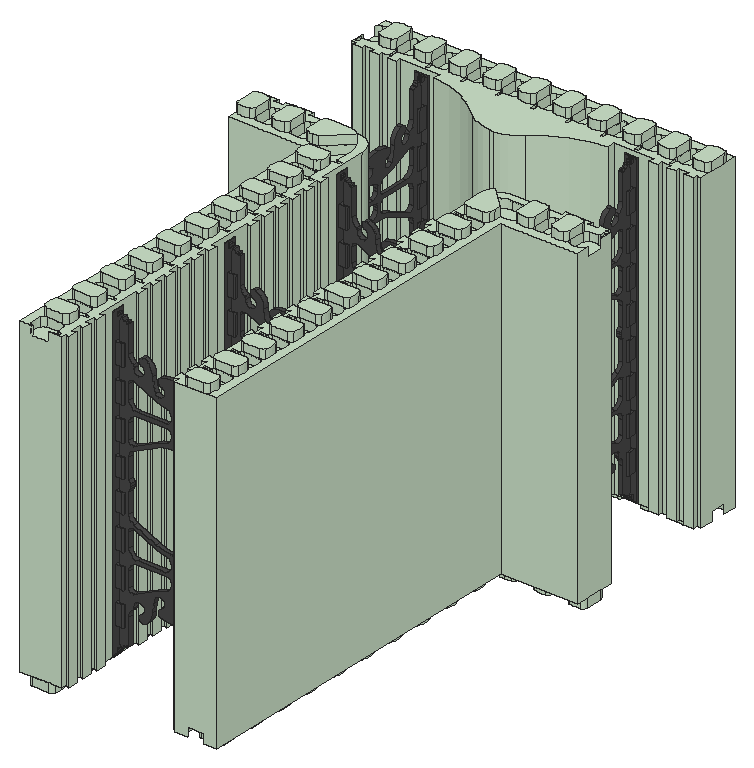
Revit family (continued)
Definition of nested family "6 inch Insert Web"
  Forms (in)
    Extrusion 2, solid, material "Polypropylene- NUDURA"
      sketch origin (0, 0, 0) x (0, 1, 0) y (0, 0, 1)
        loop
          arc (-3.13111, 17.40464) -> (-3.11625, 17.41008) -> (-3.11, 17.42461) r 0.02
          line (-3.11, 17.42461) -> (-3.11, 17.54582)
          arc (-3.11, 17.54582) -> (-3.11414, 17.56103) -> (-3.12543, 17.57204) r 0.03
        loop
          line (3.18889, 0.33798) -> (3.13111, 0.34119)
          arc (3.13111, 0.34119) -> (3.11625, 0.33575) -> (3.11, 0.32122) r 0.02
          line (3.11, 0.32122) -> (3.11, 0.20001)
          arc (3.11, 0.20001) -> (3.11414, 0.1848) -> (3.12543, 0.17379) r 0.03
          line (3.12543, 0.17379) -> (3.19457, 0.13538)
          arc (3.19457, 0.13538) -> (3.20585, 0.12437) -> (3.21, 0.10915) r 0.03
          line (3.21, 0.10915) -> (3.21, 0.35795)
          arc (3.21, 0.35795) -> (3.20374, 0.34342) -> (3.18889, 0.33798) r 0.02
        loop
          arc (-3.12543, 0.17379) -> (-3.11414, 0.1848) -> (-3.11, 0.20001) r 0.03
          line (-3.11, 0.20001) -> (-3.11, 0.32122)
          arc (-3.11, 0.32122) -> (-3.11625, 0.33575) -> (-3.13111, 0.34119) r 0.02
          line (-3.13111, 0.34119) -> (-3.18889, 0.33798)
          arc (-3.18889, 0.33798) -> (-3.20374, 0.34342) -> (-3.21, 0.35795) r 0.02
          line (-3.21, 0.35795) -> (-3.21, 0.10915)
          arc (-3.21, 0.10915) -> (-3.20585, 0.12437) -> (-3.19457, 0.13538) r 0.03
          line (-3.19457, 0.13538) -> (-3.12543, 0.17379)
        loop
          line (3, 17.20772) -> (2.925, 17.43772)
          arc (2.925, 17.43772) -> (2.875, 17.46772) -> (2.825, 17.43772) r 0.05667
          line (2.825, 17.43772) -> (2.77609, 17.28772) -> (2.64893, 17.28772)
          arc (2.64893, 17.28772) -> (2.61433, 17.27339) -> (2.6, 17.2388) r 0.04893
          line (2.6, 17.2388) -> (2.6, 17.20772) -> (2.5, 17.20772) -> (2.5, 15.69241)
          arc (2.5, 15.69241) -> (2.43087, 15.42546) -> (2.24086, 15.22561) r 0.55
          arc (2.24086, 15.22561) -> (2.19232, 15.16934) -> (2.1843, 15.09547) r 0.125
          arc (2.1843, 15.09547) -> (1.73923, 14.76887) -> (1.77171, 15.31996) r 0.305
          arc (1.77171, 15.31996) -> (1.89426, 15.60593) -> (1.60829, 15.72848) r 0.22
          arc (1.60829, 15.72848) -> (1.25428, 15.43329) -> (1.14171, 14.98632) r 0.745
          arc (1.14171, 14.98632) -> (1.09808, 14.57137) -> (0.96932, 14.1745) r 2
          arc (0.96932, 14.1745) -> (0.47025, 14.17077) -> (0.63581, 14.64159) r 0.305
          arc (0.63581, 14.64159) -> (0.81067, 14.86591) -> (0.64859, 15.09964) r 0.24
          arc (0.64859, 15.09964) -> (0.32877, 15.18052) -> (0, 15.20772) r 2
          arc (0, 15.20772) -> (-0.32877, 15.18052) -> (-0.64859, 15.09964) r 2
          arc (-0.64859, 15.09964) -> (-0.81067, 14.86591) -> (-0.63581, 14.64159) r 0.24
          arc (-0.63581, 14.64159) -> (-0.47025, 14.17077) -> (-0.96932, 14.1745) r 0.305
          arc (-0.96932, 14.1745) -> (-1.09808, 14.57137) -> (-1.14171, 14.98632) r 2
          arc (-1.14171, 14.98632) -> (-1.25428, 15.43329) -> (-1.60829, 15.72848) r 0.745
          arc (-1.60829, 15.72848) -> (-1.89426, 15.60593) -> (-1.77171, 15.31996) r 0.22
          arc (-1.77171, 15.31996) -> (-1.73923, 14.76887) -> (-2.1843, 15.09547) r 0.305
          arc (-2.1843, 15.09547) -> (-2.19232, 15.16934) -> (-2.24086, 15.22561) r 0.125
          arc (-2.24086, 15.22561) -> (-2.43087, 15.42546) -> (-2.5, 15.69241) r 0.55
          line (-2.5, 15.69241) -> (-2.5, 17.20772) -> (-2.6, 17.20772) -> (-2.6, 17.2388)
          arc (-2.6, 17.2388) -> (-2.61433, 17.27339) -> (-2.64893, 17.28772) r 0.04893
          line (-2.64893, 17.28772) -> (-2.77609, 17.28772) -> (-2.825, 17.43772)
          arc (-2.825, 17.43772) -> (-2.875, 17.46772) -> (-2.925, 17.43772) r 0.05667
          line (-2.925, 17.43772) -> (-3, 17.20772) -> (-3, 0.66519) -> (-2.925, 0.43519)
          arc (-2.925, 0.43519) -> (-2.875, 0.40519) -> (-2.825, 0.43519) r 0.05667
          line (-2.825, 0.43519) -> (-2.77609, 0.58519) -> (-2.64893, 0.58519)
          arc (-2.64893, 0.58519) -> (-2.61433, 0.59952) -> (-2.6, 0.63412) r 0.04893
          line (-2.6, 0.63412) -> (-2.6, 0.66519) -> (-2.5, 0.66519) -> (-2.5, 2.18051)
          arc (-2.5, 2.18051) -> (-2.43087, 2.44746) -> (-2.24086, 2.6473) r 0.55
          arc (-2.24086, 2.6473) -> (-2.19232, 2.70357) -> (-2.1843, 2.77745) r 0.125
          arc (-2.1843, 2.77745) -> (-1.73923, 3.10405) -> (-1.77171, 2.55296) r 0.305
          arc (-1.77171, 2.55296) -> (-1.89426, 2.26698) -> (-1.60829, 2.14443) r 0.22
          arc (-1.60829, 2.14443) -> (-1.25428, 2.43963) -> (-1.14171, 2.8866) r 0.745
          arc (-1.14171, 2.8866) -> (-1.09808, 3.30155) -> (-0.96932, 3.69841) r 2
          arc (-0.96932, 3.69841) -> (-0.47025, 3.70214) -> (-0.63581, 3.23133) r 0.305
          arc (-0.63581, 3.23133) -> (-0.81067, 3.00701) -> (-0.64859, 2.77328) r 0.24
          arc (-0.64859, 2.77328) -> (-0.32877, 2.6924) -> (0, 2.66519) r 2
          arc (0, 2.66519) -> (0.32877, 2.6924) -> (0.64859, 2.77328) r 2
          arc (0.64859, 2.77328) -> (0.81067, 3.00701) -> (0.63581, 3.23133) r 0.24
          arc (0.63581, 3.23133) -> (0.47025, 3.70214) -> (0.96932, 3.69841) r 0.305
          arc (0.96932, 3.69841) -> (1.09808, 3.30155) -> (1.14171, 2.8866) r 2
          arc (1.14171, 2.8866) -> (1.25428, 2.43963) -> (1.60829, 2.14443) r 0.745
          arc (1.60829, 2.14443) -> (1.89426, 2.26698) -> (1.77171, 2.55296) r 0.22
          arc (1.77171, 2.55296) -> (1.73923, 3.10405) -> (2.1843, 2.77745) r 0.305
          arc (2.1843, 2.77745) -> (2.19232, 2.70357) -> (2.24086, 2.6473) r 0.125
          arc (2.24086, 2.6473) -> (2.43087, 2.44746) -> (2.5, 2.18051) r 0.55
          line (2.5, 2.18051) -> (2.5, 0.66519) -> (2.6, 0.66519) -> (2.6, 0.63412)
          arc (2.6, 0.63412) -> (2.61433, 0.59952) -> (2.64893, 0.58519) r 0.04893
          line (2.64893, 0.58519) -> (2.77609, 0.58519) -> (2.825, 0.43519)
          arc (2.825, 0.43519) -> (2.875, 0.40519) -> (2.925, 0.43519) r 0.05667
          line (2.925, 0.43519) -> (3, 0.66519) -> (3, 17.20772)
        loop
          line (0.3725, 12.82772) -> (2, 12.82772)
          arc (2, 12.82772) -> (2.35355, 12.97417) -> (2.5, 13.32772) r 0.5
          line (2.5, 13.32772) -> (2.5, 14.17596)
          arc (2.5, 14.17596) -> (2.38418, 14.38691) -> (2.14403, 14.40239) r 0.25
          line (2.14403, 14.40239) -> (0.95372, 13.84533)
          arc (0.95372, 13.84533) -> (0.66944, 13.7351) -> (0.37286, 13.66431) r 2.25
          arc (0.37286, 13.66431) -> (0.14871, 13.53669) -> (0.06, 13.29449) r 0.375
          line (0.06, 13.29449) -> (0.06, 13.14022)
          arc (0.06, 13.14022) -> (0.15153, 12.91925) -> (0.3725, 12.82772) r 0.3125
        loop
          arc (-0.06, 13.29449) -> (-0.14871, 13.53669) -> (-0.37286, 13.66431) r 0.375
          arc (-0.37286, 13.66431) -> (-0.66944, 13.7351) -> (-0.95372, 13.84533) r 2.25
          line (-0.95372, 13.84533) -> (-2.14403, 14.40239)
          arc (-2.14403, 14.40239) -> (-2.38418, 14.38691) -> (-2.5, 14.17596) r 0.25
          line (-2.5, 14.17596) -> (-2.5, 13.32772)
          arc (-2.5, 13.32772) -> (-2.35355, 12.97417) -> (-2, 12.82772) r 0.5
          line (-2, 12.82772) -> (-0.3725, 12.82772)
          arc (-0.3725, 12.82772) -> (-0.15153, 12.91925) -> (-0.06, 13.14022) r 0.3125
          line (-0.06, 13.14022) -> (-0.06, 13.29449)
        loop
          line (-2.5, 12.14772) -> (-2.5, 11.29949)
          arc (-2.5, 11.29949) -> (-2.38418, 11.08854) -> (-2.14403, 11.07306) r 0.25
          line (-2.14403, 11.07306) -> (-0.95372, 11.63012)
          arc (-0.95372, 11.63012) -> (-0.66944, 11.74035) -> (-0.37286, 11.81114) r 2.25
          arc (-0.37286, 11.81114) -> (-0.14871, 11.93876) -> (-0.06, 12.18096) r 0.375
          line (-0.06, 12.18096) -> (-0.06, 12.33522)
          arc (-0.06, 12.33522) -> (-0.15153, 12.5562) -> (-0.3725, 12.64772) r 0.3125
          line (-0.3725, 12.64772) -> (-2, 12.64772)
          arc (-2, 12.64772) -> (-2.35355, 12.50128) -> (-2.5, 12.14772) r 0.5
        loop
          line (0.06, 12.33522) -> (0.06, 12.18096)
          arc (0.06, 12.18096) -> (0.14871, 11.93876) -> (0.37286, 11.81114) r 0.375
          arc (0.37286, 11.81114) -> (0.66944, 11.74035) -> (0.95372, 11.63012) r 2.25
          line (0.95372, 11.63012) -> (2.14403, 11.07306)
          arc (2.14403, 11.07306) -> (2.38418, 11.08854) -> (2.5, 11.29949) r 0.25
          line (2.5, 11.29949) -> (2.5, 12.14772)
          arc (2.5, 12.14772) -> (2.35355, 12.50128) -> (2, 12.64772) r 0.5
          line (2, 12.64772) -> (0.3725, 12.64772)
          arc (0.3725, 12.64772) -> (0.15153, 12.5562) -> (0.06, 12.33522) r 0.3125
        loop
          line (-2.5, 9.24881) -> (-2.38, 9.04881) -> (-2.38, 8.93646) -> (-2.38, 8.82411) -> (-2.5, 8.62411) -> (-2.5, 7.48324)
          arc (-2.5, 7.48324) -> (-2.42188, 7.21488) -> (-2.21194, 7.03038) r 0.5
          line (-2.21194, 7.03038) -> (-0.95372, 6.44153)
          arc (-0.95372, 6.44153) -> (-0.48851, 6.28308) -> (0, 6.2294) r 2.25
          arc (0, 6.2294) -> (0.48851, 6.28308) -> (0.95372, 6.44153) r 2.25
          line (0.95372, 6.44153) -> (2.21194, 7.03038)
          arc (2.21194, 7.03038) -> (2.42188, 7.21488) -> (2.5, 7.48324) r 0.5
          line (2.5, 7.48324) -> (2.5, 8.62411) -> (2.38, 8.82411) -> (2.38, 8.93646) -> (2.38, 9.04881) -> (2.5, 9.24881) -> (2.5, 10.38968)
          arc (2.5, 10.38968) -> (2.42188, 10.65803) -> (2.21194, 10.84254) r 0.5
          line (2.21194, 10.84254) -> (0.95372, 11.43138)
          arc (0.95372, 11.43138) -> (0.48851, 11.58984) -> (0, 11.64351) r 2.25
          arc (0, 11.64351) -> (-0.48851, 11.58984) -> (-0.95372, 11.43138) r 2.25
          line (-0.95372, 11.43138) -> (-2.21194, 10.84254)
          arc (-2.21194, 10.84254) -> (-2.42188, 10.65803) -> (-2.5, 10.38968) r 0.5
          line (-2.5, 10.38968) -> (-2.5, 9.24881)
        loop
          line (-2.5, 6.57343) -> (-2.5, 5.72519)
          arc (-2.5, 5.72519) -> (-2.35355, 5.37164) -> (-2, 5.22519) r 0.5
          line (-2, 5.22519) -> (-0.3725, 5.22519)
          arc (-0.3725, 5.22519) -> (-0.15153, 5.31672) -> (-0.06, 5.53769) r 0.3125
          line (-0.06, 5.53769) -> (-0.06, 5.69196)
          arc (-0.06, 5.69196) -> (-0.14871, 5.93416) -> (-0.37286, 6.06178) r 0.375
          arc (-0.37286, 6.06178) -> (-0.66944, 6.13256) -> (-0.95372, 6.2428) r 2.25
          line (-0.95372, 6.2428) -> (-2.14403, 6.79986)
          arc (-2.14403, 6.79986) -> (-2.38418, 6.78437) -> (-2.5, 6.57343) r 0.25
        loop
          line (0.3725, 5.22519) -> (2, 5.22519)
          arc (2, 5.22519) -> (2.35355, 5.37164) -> (2.5, 5.72519) r 0.5
          line (2.5, 5.72519) -> (2.5, 6.57343)
          arc (2.5, 6.57343) -> (2.38418, 6.78437) -> (2.14403, 6.79986) r 0.25
          line (2.14403, 6.79986) -> (0.95372, 6.2428)
          arc (0.95372, 6.2428) -> (0.66944, 6.13256) -> (0.37286, 6.06178) r 2.25
          arc (0.37286, 6.06178) -> (0.14871, 5.93416) -> (0.06, 5.69196) r 0.375
          line (0.06, 5.69196) -> (0.06, 5.53769)
          arc (0.06, 5.53769) -> (0.15153, 5.31672) -> (0.3725, 5.22519) r 0.3125
        loop
          line (0.06, 4.73269) -> (0.06, 4.57842)
          arc (0.06, 4.57842) -> (0.14871, 4.33622) -> (0.37286, 4.20861) r 0.375
          arc (0.37286, 4.20861) -> (0.66944, 4.13782) -> (0.95372, 4.02759) r 2.25
          line (0.95372, 4.02759) -> (2.14403, 3.47052)
          arc (2.14403, 3.47052) -> (2.38418, 3.48601) -> (2.5, 3.69695) r 0.25
          line (2.5, 3.69695) -> (2.5, 4.54519)
          arc (2.5, 4.54519) -> (2.35355, 4.89874) -> (2, 5.04519) r 0.5
          line (2, 5.04519) -> (0.3725, 5.04519)
          arc (0.3725, 5.04519) -> (0.15153, 4.95366) -> (0.06, 4.73269) r 0.3125
        loop
          line (-0.06, 4.57842) -> (-0.06, 4.73269)
          arc (-0.06, 4.73269) -> (-0.15153, 4.95366) -> (-0.3725, 5.04519) r 0.3125
          line (-0.3725, 5.04519) -> (-2, 5.04519)
          arc (-2, 5.04519) -> (-2.35355, 4.89874) -> (-2.5, 4.54519) r 0.5
          line (-2.5, 4.54519) -> (-2.5, 3.69695)
          arc (-2.5, 3.69695) -> (-2.38418, 3.48601) -> (-2.14403, 3.47052) r 0.25
          line (-2.14403, 3.47052) -> (-0.95372, 4.02759)
          arc (-0.95372, 4.02759) -> (-0.66944, 4.13782) -> (-0.37286, 4.20861) r 2.25
          arc (-0.37286, 4.20861) -> (-0.14871, 4.33622) -> (-0.06, 4.57842) r 0.375
      from 0.125 to -0.125
    Extrusion 3, solid, material "High Density Polystyrene- NUDURA"
      sketch origin (0, 0, 0) x (0, 1, 0) y (0, 0, 1)
        loop
          line (3.21, 16.17792) -> (2.71, 16.17792) -> (2.71, 14.97792) -> (3.21, 14.97792) -> (3.21, 16.17792)
        loop
          line (3.21, 14.22792) -> (2.71, 14.22792) -> (2.71, 13.02792) -> (3.21, 13.02792) -> (3.21, 14.22792)
        loop
          line (3.21, 12.27792) -> (2.71, 12.27792) -> (2.71, 11.07792) -> (3.21, 11.07792) -> (3.21, 12.27792)
        loop
          line (3.21, 10.32792) -> (2.71, 10.32792) -> (2.71, 9.24792) -> (3.21, 9.24792) -> (3.21, 10.32792)
        loop
          line (3.21, 8.49792) -> (2.71, 8.49792) -> (2.71, 7.41792) -> (3.21, 7.41792) -> (3.21, 8.49792)
        loop
          line (3.21, 6.66792) -> (2.71, 6.66792) -> (2.71, 5.46792) -> (3.21, 5.46792) -> (3.21, 6.66792)
        loop
          line (3.21, 4.71792) -> (2.71, 4.71792) -> (2.71, 3.51792) -> (3.21, 3.51792) -> (3.21, 4.71792)
        loop
          line (3.21, 2.76792) -> (2.71, 2.76792) -> (2.71, 1.56792) -> (3.21, 1.56792) -> (3.21, 2.76792)
        loop
          line (-3.21, 16.17792) -> (-3.21, 14.97792) -> (-2.71, 14.97792) -> (-2.71, 16.17792) -> (-3.21, 16.17792)
        loop
          line (-3.21, 14.22792) -> (-3.21, 13.02792) -> (-2.71, 13.02792) -> (-2.71, 14.22792) -> (-3.21, 14.22792)
        loop
          line (-3.21, 12.27792) -> (-3.21, 11.07792) -> (-2.71, 11.07792) -> (-2.71, 12.27792) -> (-3.21, 12.27792)
        loop
          line (-3.21, 10.32792) -> (-3.21, 9.24792) -> (-2.71, 9.24792) -> (-2.71, 10.32792) -> (-3.21, 10.32792)
        loop
          line (-3.21, 8.49792) -> (-3.21, 7.41792) -> (-2.71, 7.41792) -> (-2.71, 8.49792) -> (-3.21, 8.49792)
        loop
          line (-3.21, 6.66792) -> (-3.21, 5.46792) -> (-2.71, 5.46792) -> (-2.71, 6.66792) -> (-3.21, 6.66792)
        loop
          line (-3.21, 4.71792) -> (-3.21, 3.51792) -> (-2.71, 3.51792) -> (-2.71, 4.71792) -> (-3.21, 4.71792)
        loop
          line (-3.21, 2.76792) -> (-3.21, 1.56792) -> (-2.71, 1.56792) -> (-2.71, 2.76792) -> (-3.21, 2.76792)
      from 0.25 to -0.25
    Extrusion 4, void
      sketch origin (0, 0, 0) x (1, 0, 0) y (0, 1, 0)
        loop
          line (-0.25, 2.79249) -> (-0.25, 2.71) -> (-0.1675, 2.71)
          arc (-0.1675, 2.71) -> (-0.22584, 2.73416) -> (-0.25, 2.79249) r 0.0825
      from 0 to 18
    Extrusion 5, void
      sketch origin (0, 0, 0) x (-1, 0, 0) y (0, -1, 0)
        loop
          arc (-0.25, -2.79249) -> (-0.22584, -2.73416) -> (-0.1675, -2.71) r 0.0825
          line (-0.1675, -2.71) -> (-0.25, -2.71) -> (-0.25, -2.79249)
      from 0 to 18
    Extrusion 6, void
      sketch origin (0, 0, 0) x (1, 0, 0) y (0, 1, 0)
        loop
          arc (-0.25, -2.79249) -> (-0.22584, -2.73416) -> (-0.1675, -2.71) r 0.0825
          line (-0.1675, -2.71) -> (-0.25, -2.71) -> (-0.25, -2.79249)
      from 0 to 18
    Extrusion 7, void
      sketch origin (0, 0, 0) x (-1, 0, 0) y (0, -1, 0)
        loop
          line (-0.25, 2.79249) -> (-0.25, 2.71) -> (-0.1675, 2.71)
          arc (-0.1675, 2.71) -> (-0.22584, 2.73416) -> (-0.25, 2.79249) r 0.0825
      from 0 to 18
  Cuts and joins
    Extrusion 4, Extrusion 5, Extrusion 6, Extrusion 7 cuts Extrusion 1
    Extrusion 4, Extrusion 5, Extrusion 6, Extrusion 7 cuts Extrusion 3
Definition of nested family "NUDURA Diamond Pattern"
  Reference planes (in)
    plane 1 "Center (Front/Back)": y = 0
    plane 2: z = 0
    plane 3 "Center (Left/Right)": x = 0
    plane 4: z = 18
  Lines and regions (in)
    model lines
      curve 1: line (8, -5.625, 18) -> (8, -5.625, 0)
      curve 2: line (6, -5.625, 18) -> (6, -5.625, 0)
      curve 3: line (2, -5.625, 18) -> (2, -5.625, 0)
      curve 4: line (3.35367, -5.625, 16.98484) -> (3.69709, -5.625, 16.64142)
      curve 5: arc (3.35367, -5.625, 17.51517) -> (3.24384, -5.625, 17.25) -> (3.35367, -5.625, 16.98484) r 0.375
      curve 6: line (3.72867, -5.625, 17.89017) -> (3.35367, -5.625, 17.51517)
      curve 7: arc (4.259, -5.625, 17.89017) -> (3.99384, -5.625, 18) -> (3.72867, -5.625, 17.89017) r 0.375
      curve 8: line (4.634, -5.625, 17.51517) -> (4.259, -5.625, 17.89017)
      curve 9: arc (4.634, -5.625, 16.98484) -> (4.74384, -5.625, 17.25) -> (4.634, -5.625, 17.51517) r 0.375
      curve 10: line (4.29059, -5.625, 16.64142) -> (4.634, -5.625, 16.98484)
      curve 11: arc (4.17062, -5.625, 17.80178) -> (3.99384, -5.625, 17.875) -> (3.81706, -5.625, 17.80178) r 0.25
      curve 12: line (4.54562, -5.625, 17.42678) -> (4.17062, -5.625, 17.80178)
      curve 13: arc (4.54562, -5.625, 17.07322) -> (4.61884, -5.625, 17.25) -> (4.54562, -5.625, 17.42678) r 0.25
      curve 14: line (4.17062, -5.625, 16.69822) -> (4.54562, -5.625, 17.07322)
      curve 15: arc (3.81706, -5.625, 16.69822) -> (3.99384, -5.625, 16.625) -> (4.17062, -5.625, 16.69822) r 0.25
      curve 16: line (3.44206, -5.625, 17.07322) -> (3.81706, -5.625, 16.69822)
      curve 17: arc (3.44206, -5.625, 17.42678) -> (3.36884, -5.625, 17.25) -> (3.44206, -5.625, 17.07322) r 0.25
      curve 18: line (3.81706, -5.625, 17.80178) -> (3.44206, -5.625, 17.42678)
      curve 19: arc (3.69709, -5.625, 16.35858) -> (3.75567, -5.625, 16.5) -> (3.69709, -5.625, 16.64142) r 0.2
      curve 20: line (4.634, -5.625, 16.01517) -> (4.29059, -5.625, 16.35858)
      curve 21: arc (4.634, -5.625, 15.48484) -> (4.74384, -5.625, 15.75) -> (4.634, -5.625, 16.01517) r 0.375
      curve 22: line (4.29059, -5.625, 15.14142) -> (4.634, -5.625, 15.48484)
      curve 23: line (3.35367, -5.625, 15.48484) -> (3.69709, -5.625, 15.14142)
      curve 24: arc (3.35367, -5.625, 16.01517) -> (3.24384, -5.625, 15.75) -> (3.35367, -5.625, 15.48484) r 0.375
      curve 25: line (3.69709, -5.625, 16.35858) -> (3.35367, -5.625, 16.01517)
      curve 26: arc (4.17062, -5.625, 16.30178) -> (3.99384, -5.625, 16.375) -> (3.81706, -5.625, 16.30178) r 0.25
      curve 27: line (3.81706, -5.625, 16.30178) -> (3.44206, -5.625, 15.92678)
      curve 28: arc (3.44206, -5.625, 15.92678) -> (3.36884, -5.625, 15.75) -> (3.44206, -5.625, 15.57322) r 0.25
      curve 29: line (3.44206, -5.625, 15.57322) -> (3.81706, -5.625, 15.19822)
      curve 30: arc (3.81706, -5.625, 15.19822) -> (3.99384, -5.625, 15.125) -> (4.17062, -5.625, 15.19822) r 0.25
      curve 31: line (4.17062, -5.625, 15.19822) -> (4.54562, -5.625, 15.57322)
      curve 32: arc (4.54562, -5.625, 15.57322) -> (4.61884, -5.625, 15.75) -> (4.54562, -5.625, 15.92678) r 0.25
      curve 33: line (4.54562, -5.625, 15.92678) -> (4.17062, -5.625, 16.30178)
      curve 34: arc (3.69709, -5.625, 14.85858) -> (3.75567, -5.625, 15) -> (3.69709, -5.625, 15.14142) r 0.2
      curve 35: line (4.634, -5.625, 14.51517) -> (4.29059, -5.625, 14.85858)
      curve 36: arc (4.634, -5.625, 13.98484) -> (4.74384, -5.625, 14.25) -> (4.634, -5.625, 14.51517) r 0.375
      curve 37: line (4.29059, -5.625, 13.64142) -> (4.634, -5.625, 13.98484)
      curve 38: line (3.35367, -5.625, 13.98484) -> (3.69709, -5.625, 13.64142)
      curve 39: arc (3.35367, -5.625, 14.51517) -> (3.24384, -5.625, 14.25) -> (3.35367, -5.625, 13.98484) r 0.375
      curve 40: line (3.69709, -5.625, 14.85858) -> (3.35367, -5.625, 14.51517)
      curve 41: arc (4.17062, -5.625, 14.80178) -> (3.99384, -5.625, 14.875) -> (3.81706, -5.625, 14.80178) r 0.25
      curve 42: line (3.81706, -5.625, 14.80178) -> (3.44206, -5.625, 14.42678)
      curve 43: arc (3.44206, -5.625, 14.42678) -> (3.36884, -5.625, 14.25) -> (3.44206, -5.625, 14.07322) r 0.25
      curve 44: line (3.44206, -5.625, 14.07322) -> (3.81706, -5.625, 13.69822)
      curve 45: arc (3.81706, -5.625, 13.69822) -> (3.99384, -5.625, 13.625) -> (4.17062, -5.625, 13.69822) r 0.25
      curve 46: line (4.17062, -5.625, 13.69822) -> (4.54562, -5.625, 14.07322)
      curve 47: arc (4.54562, -5.625, 14.07322) -> (4.61884, -5.625, 14.25) -> (4.54562, -5.625, 14.42678) r 0.25
      curve 48: line (4.54562, -5.625, 14.42678) -> (4.17062, -5.625, 14.80178)
      curve 49: arc (3.69709, -5.625, 13.35858) -> (3.75567, -5.625, 13.5) -> (3.69709, -5.625, 13.64142) r 0.2
      curve 50: line (4.634, -5.625, 13.01517) -> (4.29059, -5.625, 13.35858)
      curve 51: arc (4.634, -5.625, 12.48484) -> (4.74384, -5.625, 12.75) -> (4.634, -5.625, 13.01517) r 0.375
      curve 52: line (4.29059, -5.625, 12.14142) -> (4.634, -5.625, 12.48484)
      curve 53: line (3.35367, -5.625, 12.48484) -> (3.69709, -5.625, 12.14142)
      curve 54: arc (3.35367, -5.625, 13.01517) -> (3.24384, -5.625, 12.75) -> (3.35367, -5.625, 12.48484) r 0.375
      curve 55: line (3.69709, -5.625, 13.35858) -> (3.35367, -5.625, 13.01517)
      curve 56: arc (4.17062, -5.625, 13.30178) -> (3.99384, -5.625, 13.375) -> (3.81706, -5.625, 13.30178) r 0.25
      curve 57: line (3.81706, -5.625, 13.30178) -> (3.44206, -5.625, 12.92678)
      curve 58: arc (3.44206, -5.625, 12.92678) -> (3.36884, -5.625, 12.75) -> (3.44206, -5.625, 12.57322) r 0.25
      curve 59: line (3.44206, -5.625, 12.57322) -> (3.81706, -5.625, 12.19822)
      curve 60: arc (3.81706, -5.625, 12.19822) -> (3.99384, -5.625, 12.125) -> (4.17062, -5.625, 12.19822) r 0.25
      curve 61: line (4.17062, -5.625, 12.19822) -> (4.54562, -5.625, 12.57322)
      curve 62: arc (4.54562, -5.625, 12.57322) -> (4.61884, -5.625, 12.75) -> (4.54562, -5.625, 12.92678) r 0.25
      curve 63: line (4.54562, -5.625, 12.92678) -> (4.17062, -5.625, 13.30178)
      curve 64: arc (3.69709, -5.625, 11.85858) -> (3.75567, -5.625, 12) -> (3.69709, -5.625, 12.14142) r 0.2
      curve 65: line (4.634, -5.625, 11.51517) -> (4.29059, -5.625, 11.85858)
      curve 66: arc (4.634, -5.625, 10.98484) -> (4.74384, -5.625, 11.25) -> (4.634, -5.625, 11.51517) r 0.375
      curve 67: line (4.29059, -5.625, 10.64142) -> (4.634, -5.625, 10.98484)
      curve 68: line (3.35367, -5.625, 10.98484) -> (3.69709, -5.625, 10.64142)
      curve 69: arc (3.35367, -5.625, 11.51517) -> (3.24384, -5.625, 11.25) -> (3.35367, -5.625, 10.98484) r 0.375
      curve 70: line (3.69709, -5.625, 11.85858) -> (3.35367, -5.625, 11.51517)
      curve 71: arc (4.17062, -5.625, 11.80178) -> (3.99384, -5.625, 11.875) -> (3.81706, -5.625, 11.80178) r 0.25
      curve 72: line (3.81706, -5.625, 11.80178) -> (3.44206, -5.625, 11.42678)
      curve 73: arc (3.44206, -5.625, 11.42678) -> (3.36884, -5.625, 11.25) -> (3.44206, -5.625, 11.07322) r 0.25
      curve 74: line (3.44206, -5.625, 11.07322) -> (3.81706, -5.625, 10.69822)
      curve 75: arc (3.81706, -5.625, 10.69822) -> (3.99384, -5.625, 10.625) -> (4.17062, -5.625, 10.69822) r 0.25
      curve 76: line (4.17062, -5.625, 10.69822) -> (4.54562, -5.625, 11.07322)
      curve 77: arc (4.54562, -5.625, 11.07322) -> (4.61884, -5.625, 11.25) -> (4.54562, -5.625, 11.42678) r 0.25
      curve 78: line (4.54562, -5.625, 11.42678) -> (4.17062, -5.625, 11.80178)
      curve 79: arc (3.69709, -5.625, 10.35858) -> (3.75567, -5.625, 10.5) -> (3.69709, -5.625, 10.64142) r 0.2
      curve 80: line (4.634, -5.625, 10.01517) -> (4.29059, -5.625, 10.35858)
      curve 81: arc (4.634, -5.625, 9.48484) -> (4.74384, -5.625, 9.75) -> (4.634, -5.625, 10.01517) r 0.375
      curve 82: line (4.29059, -5.625, 9.14142) -> (4.634, -5.625, 9.48484)
      curve 83: line (3.35367, -5.625, 9.48484) -> (3.69709, -5.625, 9.14142)
      curve 84: arc (3.35367, -5.625, 10.01517) -> (3.24384, -5.625, 9.75) -> (3.35367, -5.625, 9.48484) r 0.375
      curve 85: line (3.69709, -5.625, 10.35858) -> (3.35367, -5.625, 10.01517)
      curve 86: arc (4.17062, -5.625, 10.30178) -> (3.99384, -5.625, 10.375) -> (3.81706, -5.625, 10.30178) r 0.25
      curve 87: line (3.81706, -5.625, 10.30178) -> (3.44206, -5.625, 9.92678)
      curve 88: arc (3.44206, -5.625, 9.92678) -> (3.36884, -5.625, 9.75) -> (3.44206, -5.625, 9.57322) r 0.25
      curve 89: line (3.44206, -5.625, 9.57322) -> (3.81706, -5.625, 9.19822)
      curve 90: arc (3.81706, -5.625, 9.19822) -> (3.99384, -5.625, 9.125) -> (4.17062, -5.625, 9.19822) r 0.25
      curve 91: line (4.17062, -5.625, 9.19822) -> (4.54562, -5.625, 9.57322)
      curve 92: arc (4.54562, -5.625, 9.57322) -> (4.61884, -5.625, 9.75) -> (4.54562, -5.625, 9.92678) r 0.25
      curve 93: line (4.54562, -5.625, 9.92678) -> (4.17062, -5.625, 10.30178)
      curve 94: arc (3.69709, -5.625, 8.85858) -> (3.75567, -5.625, 9) -> (3.69709, -5.625, 9.14142) r 0.2
      curve 95: line (4.634, -5.625, 8.51517) -> (4.29059, -5.625, 8.85858)
      curve 96: arc (4.634, -5.625, 7.98484) -> (4.74384, -5.625, 8.25) -> (4.634, -5.625, 8.51517) r 0.375
      curve 97: line (4.29059, -5.625, 7.64142) -> (4.634, -5.625, 7.98484)
      curve 98: line (3.35367, -5.625, 7.98484) -> (3.69709, -5.625, 7.64142)
      curve 99: arc (3.35367, -5.625, 8.51517) -> (3.24384, -5.625, 8.25) -> (3.35367, -5.625, 7.98484) r 0.375
      curve 100: line (3.69709, -5.625, 8.85858) -> (3.35367, -5.625, 8.51517)
      curve 101: arc (4.17062, -5.625, 8.80178) -> (3.99384, -5.625, 8.875) -> (3.81706, -5.625, 8.80178) r 0.25
      curve 102: line (3.81706, -5.625, 8.80178) -> (3.44206, -5.625, 8.42678)
      curve 103: arc (3.44206, -5.625, 8.42678) -> (3.36884, -5.625, 8.25) -> (3.44206, -5.625, 8.07322) r 0.25
      curve 104: line (3.44206, -5.625, 8.07322) -> (3.81706, -5.625, 7.69822)
      curve 105: arc (3.81706, -5.625, 7.69822) -> (3.99384, -5.625, 7.625) -> (4.17062, -5.625, 7.69822) r 0.25
      curve 106: line (4.17062, -5.625, 7.69822) -> (4.54562, -5.625, 8.07322)
      curve 107: arc (4.54562, -5.625, 8.07322) -> (4.61884, -5.625, 8.25) -> (4.54562, -5.625, 8.42678) r 0.25
      curve 108: line (4.54562, -5.625, 8.42678) -> (4.17062, -5.625, 8.80178)
      curve 109: arc (3.69709, -5.625, 7.35858) -> (3.75567, -5.625, 7.5) -> (3.69709, -5.625, 7.64142) r 0.2
      curve 110: line (4.634, -5.625, 7.01517) -> (4.29059, -5.625, 7.35858)
      curve 111: arc (4.634, -5.625, 6.48484) -> (4.74384, -5.625, 6.75) -> (4.634, -5.625, 7.01517) r 0.375
      curve 112: line (4.29059, -5.625, 6.14142) -> (4.634, -5.625, 6.48484)
      curve 113: line (3.35367, -5.625, 6.48484) -> (3.69709, -5.625, 6.14142)
      curve 114: arc (3.35367, -5.625, 7.01517) -> (3.24384, -5.625, 6.75) -> (3.35367, -5.625, 6.48484) r 0.375
      curve 115: line (3.69709, -5.625, 7.35858) -> (3.35367, -5.625, 7.01517)
      curve 116: arc (4.17062, -5.625, 7.30178) -> (3.99384, -5.625, 7.375) -> (3.81706, -5.625, 7.30178) r 0.25
      curve 117: line (3.81706, -5.625, 7.30178) -> (3.44206, -5.625, 6.92678)
      curve 118: arc (3.44206, -5.625, 6.92678) -> (3.36884, -5.625, 6.75) -> (3.44206, -5.625, 6.57322) r 0.25
      curve 119: line (3.44206, -5.625, 6.57322) -> (3.81706, -5.625, 6.19822)
      curve 120: arc (3.81706, -5.625, 6.19822) -> (3.99384, -5.625, 6.125) -> (4.17062, -5.625, 6.19822) r 0.25
      curve 121: line (4.17062, -5.625, 6.19822) -> (4.54562, -5.625, 6.57322)
      curve 122: arc (4.54562, -5.625, 6.57322) -> (4.61884, -5.625, 6.75) -> (4.54562, -5.625, 6.92678) r 0.25
      curve 123: line (4.54562, -5.625, 6.92678) -> (4.17062, -5.625, 7.30178)
      curve 124: arc (3.69709, -5.625, 5.85858) -> (3.75567, -5.625, 6) -> (3.69709, -5.625, 6.14142) r 0.2
      curve 125: line (4.634, -5.625, 5.51517) -> (4.29059, -5.625, 5.85858)
      curve 126: arc (4.634, -5.625, 4.98484) -> (4.74384, -5.625, 5.25) -> (4.634, -5.625, 5.51517) r 0.375
      curve 127: line (4.29059, -5.625, 4.64142) -> (4.634, -5.625, 4.98484)
      curve 128: line (3.35367, -5.625, 4.98484) -> (3.69709, -5.625, 4.64142)
      curve 129: arc (3.35367, -5.625, 5.51517) -> (3.24384, -5.625, 5.25) -> (3.35367, -5.625, 4.98484) r 0.375
      curve 130: line (3.69709, -5.625, 5.85858) -> (3.35367, -5.625, 5.51517)
      curve 131: arc (4.17062, -5.625, 5.80178) -> (3.99384, -5.625, 5.875) -> (3.81706, -5.625, 5.80178) r 0.25
      curve 132: line (3.81706, -5.625, 5.80178) -> (3.44206, -5.625, 5.42678)
      curve 133: arc (3.44206, -5.625, 5.42678) -> (3.36884, -5.625, 5.25) -> (3.44206, -5.625, 5.07322) r 0.25
      curve 134: line (3.44206, -5.625, 5.07322) -> (3.81706, -5.625, 4.69822)
      curve 135: arc (3.81706, -5.625, 4.69822) -> (3.99384, -5.625, 4.625) -> (4.17062, -5.625, 4.69822) r 0.25
      curve 136: line (4.17062, -5.625, 4.69822) -> (4.54562, -5.625, 5.07322)
      curve 137: arc (4.54562, -5.625, 5.07322) -> (4.61884, -5.625, 5.25) -> (4.54562, -5.625, 5.42678) r 0.25
      curve 138: line (4.54562, -5.625, 5.42678) -> (4.17062, -5.625, 5.80178)
      curve 139: arc (3.69709, -5.625, 4.35858) -> (3.75567, -5.625, 4.5) -> (3.69709, -5.625, 4.64142) r 0.2
      curve 140: line (4.634, -5.625, 4.01517) -> (4.29059, -5.625, 4.35858)
      curve 141: arc (4.634, -5.625, 3.48484) -> (4.74384, -5.625, 3.75) -> (4.634, -5.625, 4.01517) r 0.375
      curve 142: line (4.29059, -5.625, 3.14142) -> (4.634, -5.625, 3.48484)
      curve 143: line (3.35367, -5.625, 3.48484) -> (3.69709, -5.625, 3.14142)
      curve 144: arc (3.35367, -5.625, 4.01517) -> (3.24384, -5.625, 3.75) -> (3.35367, -5.625, 3.48484) r 0.375
      curve 145: line (3.69709, -5.625, 4.35858) -> (3.35367, -5.625, 4.01517)
      curve 146: arc (4.17062, -5.625, 4.30178) -> (3.99384, -5.625, 4.375) -> (3.81706, -5.625, 4.30178) r 0.25
      curve 147: line (3.81706, -5.625, 4.30178) -> (3.44206, -5.625, 3.92678)
      curve 148: arc (3.44206, -5.625, 3.92678) -> (3.36884, -5.625, 3.75) -> (3.44206, -5.625, 3.57322) r 0.25
      curve 149: line (3.44206, -5.625, 3.57322) -> (3.81706, -5.625, 3.19822)
      curve 150: arc (3.81706, -5.625, 3.19822) -> (3.99384, -5.625, 3.125) -> (4.17062, -5.625, 3.19822) r 0.25
      curve 151: line (4.17062, -5.625, 3.19822) -> (4.54562, -5.625, 3.57322)
      curve 152: arc (4.54562, -5.625, 3.57322) -> (4.61884, -5.625, 3.75) -> (4.54562, -5.625, 3.92678) r 0.25
      curve 153: line (4.54562, -5.625, 3.92678) -> (4.17062, -5.625, 4.30178)
      curve 154: arc (3.69709, -5.625, 2.85858) -> (3.75567, -5.625, 3) -> (3.69709, -5.625, 3.14142) r 0.2
      curve 155: line (4.634, -5.625, 2.51517) -> (4.29059, -5.625, 2.85858)
      curve 156: arc (4.634, -5.625, 1.98484) -> (4.74384, -5.625, 2.25) -> (4.634, -5.625, 2.51517) r 0.375
      curve 157: line (4.29059, -5.625, 1.64142) -> (4.634, -5.625, 1.98484)
      curve 158: line (3.35367, -5.625, 1.98484) -> (3.69709, -5.625, 1.64142)
      curve 159: arc (3.35367, -5.625, 2.51517) -> (3.24384, -5.625, 2.25) -> (3.35367, -5.625, 1.98484) r 0.375
      curve 160: line (3.69709, -5.625, 2.85858) -> (3.35367, -5.625, 2.51517)
      curve 161: arc (4.17062, -5.625, 2.80178) -> (3.99384, -5.625, 2.875) -> (3.81706, -5.625, 2.80178) r 0.25
      curve 162: line (3.81706, -5.625, 2.80178) -> (3.44206, -5.625, 2.42678)
      curve 163: arc (3.44206, -5.625, 2.42678) -> (3.36884, -5.625, 2.25) -> (3.44206, -5.625, 2.07322) r 0.25
      curve 164: line (3.44206, -5.625, 2.07322) -> (3.81706, -5.625, 1.69822)
      curve 165: arc (3.81706, -5.625, 1.69822) -> (3.99384, -5.625, 1.625) -> (4.17062, -5.625, 1.69822) r 0.25
      curve 166: line (4.17062, -5.625, 1.69822) -> (4.54562, -5.625, 2.07322)
      curve 167: arc (4.54562, -5.625, 2.07322) -> (4.61884, -5.625, 2.25) -> (4.54562, -5.625, 2.42678) r 0.25
      curve 168: line (4.54562, -5.625, 2.42678) -> (4.17062, -5.625, 2.80178)
      curve 169: arc (3.69709, -5.625, 1.35858) -> (3.75567, -5.625, 1.5) -> (3.69709, -5.625, 1.64142) r 0.2
      curve 170: line (3.69709, -5.625, 1.35858) -> (3.35367, -5.625, 1.01517)
      curve 171: arc (3.35367, -5.625, 1.01517) -> (3.24384, -5.625, 0.75) -> (3.35367, -5.625, 0.48484) r 0.375
      curve 172: line (3.35367, -5.625, 0.48484) -> (3.72867, -5.625, 0.10984)
      curve 173: arc (3.72867, -5.625, 0.10984) -> (3.99384, -5.625, 0) -> (4.259, -5.625, 0.10984) r 0.375
      curve 174: line (4.259, -5.625, 0.10984) -> (4.634, -5.625, 0.48484)
      curve 175: arc (4.634, -5.625, 0.48484) -> (4.74384, -5.625, 0.75) -> (4.634, -5.625, 1.01517) r 0.375
      curve 176: line (4.634, -5.625, 1.01517) -> (4.29059, -5.625, 1.35858)
      curve 177: arc (4.29059, -5.625, 1.64142) -> (4.23201, -5.625, 1.5) -> (4.29059, -5.625, 1.35858) r 0.2
      curve 178: arc (4.17062, -5.625, 1.30178) -> (3.99384, -5.625, 1.375) -> (3.81706, -5.625, 1.30178) r 0.25
      curve 179: line (4.54562, -5.625, 0.92678) -> (4.17062, -5.625, 1.30178)
      curve 180: arc (4.54562, -5.625, 0.57322) -> (4.61884, -5.625, 0.75) -> (4.54562, -5.625, 0.92678) r 0.25
      curve 181: line (4.17062, -5.625, 0.19822) -> (4.54562, -5.625, 0.57322)
      curve 182: arc (3.81706, -5.625, 0.19822) -> (3.99384, -5.625, 0.125) -> (4.17062, -5.625, 0.19822) r 0.25
      curve 183: line (3.44206, -5.625, 0.57322) -> (3.81706, -5.625, 0.19822)
      curve 184: arc (3.44206, -5.625, 0.92678) -> (3.36884, -5.625, 0.75) -> (3.44206, -5.625, 0.57322) r 0.25
      curve 185: line (3.81706, -5.625, 1.30178) -> (3.44206, -5.625, 0.92678)
      curve 186: arc (4.29059, -5.625, 3.14142) -> (4.23201, -5.625, 3) -> (4.29059, -5.625, 2.85858) r 0.2
      curve 187: arc (4.29059, -5.625, 4.64142) -> (4.23201, -5.625, 4.5) -> (4.29059, -5.625, 4.35858) r 0.2
      curve 188: arc (4.29059, -5.625, 6.14142) -> (4.23201, -5.625, 6) -> (4.29059, -5.625, 5.85858) r 0.2
      curve 189: arc (4.29059, -5.625, 7.64142) -> (4.23201, -5.625, 7.5) -> (4.29059, -5.625, 7.35858) r 0.2
      curve 190: arc (4.29059, -5.625, 9.14142) -> (4.23201, -5.625, 9) -> (4.29059, -5.625, 8.85858) r 0.2
      curve 191: arc (4.29059, -5.625, 10.64142) -> (4.23201, -5.625, 10.5) -> (4.29059, -5.625, 10.35858) r 0.2
      curve 192: arc (4.29059, -5.625, 12.14142) -> (4.23201, -5.625, 12) -> (4.29059, -5.625, 11.85858) r 0.2
      curve 193: arc (4.29059, -5.625, 13.64142) -> (4.23201, -5.625, 13.5) -> (4.29059, -5.625, 13.35858) r 0.2
      curve 194: arc (4.29059, -5.625, 15.14142) -> (4.23201, -5.625, 15) -> (4.29059, -5.625, 14.85858) r 0.2
      curve 195: arc (4.29059, -5.625, 16.64142) -> (4.23201, -5.625, 16.5) -> (4.29059, -5.625, 16.35858) r 0.2
Definition of nested family "NUDURA Logo Diamond"
  Reference planes (in)
    plane 1 "Center (Front/Back)": y = 0
    plane 2: z = 0
    plane 3 "Center (Left/Right)": x = 0
  Lines and regions (in)
    model lines
      curve 1: line (12.59848, 0, 17.50104) -> (12.24492, 0, 17.85459)
      curve 2: line (12.36113, 0, 16.76872) -> (12.59848, 0, 17.00607)
      curve 3: line (12.59848, 0, 16.00104) -> (12.36113, 0, 16.23839)
      curve 4: line (12.36113, 0, 15.26872) -> (12.59848, 0, 15.50607)
      curve 5: line (12.59848, 0, 14.50104) -> (12.36113, 0, 14.73839)
      curve 6: line (12.36113, 0, 13.76872) -> (12.59848, 0, 14.00607)
      curve 7: line (12.17421, 0, 13.28388) -> (12.71208, 0, 12.74602)
      curve 8: line (12.71208, 0, 12.74602) -> (12.78279, 0, 12.81673)
      curve 9: line (11.28279, 0, 12.74602) -> (11.82066, 0, 13.28388)
      curve 10: line (11.63374, 0, 13.23839) -> (11.21208, 0, 12.81673)
      curve 11: line (11.3964, 0, 14.00607) -> (11.63374, 0, 13.76872)
      curve 12: line (11.63374, 0, 14.73839) -> (11.3964, 0, 14.50104)
      curve 13: line (11.3964, 0, 15.50607) -> (11.63374, 0, 15.26872)
      curve 14: line (11.63374, 0, 16.23839) -> (11.3964, 0, 16.00104)
      curve 15: line (11.3964, 0, 17.00607) -> (11.63374, 0, 16.76872)
      curve 16: line (11.74995, 0, 17.85459) -> (11.3964, 0, 17.50104)
      curve 17: line (11.82066, 0, 17.78388) -> (11.46711, 0, 17.43033)
      curve 18: line (12.52777, 0, 17.43033) -> (12.17421, 0, 17.78388)
      curve 19: line (12.17421, 0, 16.72322) -> (12.52777, 0, 17.07678)
      curve 20: line (11.46711, 0, 17.07678) -> (11.82066, 0, 16.72322)
      curve 21: arc (11.3964, 0, 17.50104) -> (11.29388, 0, 17.25355) -> (11.3964, 0, 17.00607) r 0.35
      curve 22: arc (11.74995, 0, 17.85459) -> (11.99744, 0, 17.95711) -> (12.24492, 0, 17.85459) r 0.35
      curve 23: arc (11.46711, 0, 17.43033) -> (11.39388, 0, 17.25355) -> (11.46711, 0, 17.07678) r 0.25
      curve 24: arc (12.52777, 0, 17.43033) -> (12.60099, 0, 17.25355) -> (12.52777, 0, 17.07678) r 0.25
      curve 25: arc (12.17421, 0, 16.72322) -> (11.99744, 0, 16.65) -> (11.82066, 0, 16.72322) r 0.25
      curve 26: arc (11.82066, 0, 17.78388) -> (11.99744, 0, 17.85711) -> (12.17421, 0, 17.78388) r 0.25
      curve 27: arc (12.59848, 0, 17.50104) -> (12.70099, 0, 17.25355) -> (12.59848, 0, 17.00607) r 0.35
      curve 28: arc (11.63374, 0, 16.76872) -> (11.74358, 0, 16.50355) -> (11.63374, 0, 16.23839) r 0.375
      curve 29: arc (12.36113, 0, 16.76872) -> (12.2513, 0, 16.50355) -> (12.36113, 0, 16.23839) r 0.375
      curve 30: line (12.36113, 0, 15.26872) -> (12.59848, 0, 15.50607)
      curve 31: line (11.3964, 0, 15.50607) -> (11.63374, 0, 15.26872)
      curve 32: line (11.82066, 0, 16.28388) -> (11.46711, 0, 15.93033)
      curve 33: line (12.52777, 0, 15.93033) -> (12.17421, 0, 16.28388)
      curve 34: line (12.17421, 0, 15.22322) -> (12.52777, 0, 15.57678)
      curve 35: line (11.46711, 0, 15.57678) -> (11.82066, 0, 15.22322)
      curve 36: arc (11.3964, 0, 16.00104) -> (11.29388, 0, 15.75355) -> (11.3964, 0, 15.50607) r 0.35
      curve 37: arc (11.46711, 0, 15.93033) -> (11.39388, 0, 15.75355) -> (11.46711, 0, 15.57678) r 0.25
      curve 38: arc (12.52777, 0, 15.93033) -> (12.60099, 0, 15.75355) -> (12.52777, 0, 15.57678) r 0.25
      curve 39: arc (12.17421, 0, 15.22322) -> (11.99744, 0, 15.15) -> (11.82066, 0, 15.22322) r 0.25
      curve 40: arc (11.82066, 0, 16.28388) -> (11.99744, 0, 16.35711) -> (12.17421, 0, 16.28388) r 0.25
      curve 41: arc (12.59848, 0, 16.00104) -> (12.70099, 0, 15.75355) -> (12.59848, 0, 15.50607) r 0.35
      curve 42: line (11.63374, 0, 16.23839) -> (11.3964, 0, 16.00104)
      curve 43: line (12.59848, 0, 16.00104) -> (12.36113, 0, 16.23839)
      curve 44: arc (11.63374, 0, 15.26872) -> (11.74358, 0, 15.00355) -> (11.63374, 0, 14.73839) r 0.375
      curve 45: arc (12.36113, 0, 15.26872) -> (12.2513, 0, 15.00355) -> (12.36113, 0, 14.73839) r 0.375
      curve 46: line (12.36113, 0, 13.76872) -> (12.59848, 0, 14.00607)
      curve 47: line (11.3964, 0, 14.00607) -> (11.63374, 0, 13.76872)
      curve 48: line (11.82066, 0, 14.78388) -> (11.46711, 0, 14.43033)
      curve 49: line (12.52777, 0, 14.43033) -> (12.17421, 0, 14.78388)
      curve 50: line (12.17421, 0, 13.72322) -> (12.52777, 0, 14.07678)
      curve 51: line (11.46711, 0, 14.07678) -> (11.82066, 0, 13.72322)
      curve 52: arc (11.3964, 0, 14.50104) -> (11.29388, 0, 14.25355) -> (11.3964, 0, 14.00607) r 0.35
      curve 53: arc (11.46711, 0, 14.43033) -> (11.39388, 0, 14.25355) -> (11.46711, 0, 14.07678) r 0.25
      curve 54: arc (12.52777, 0, 14.43033) -> (12.60099, 0, 14.25355) -> (12.52777, 0, 14.07678) r 0.25
      curve 55: arc (12.17421, 0, 13.72322) -> (11.99744, 0, 13.65) -> (11.82066, 0, 13.72322) r 0.25
      curve 56: arc (11.82066, 0, 14.78388) -> (11.99744, 0, 14.85711) -> (12.17421, 0, 14.78388) r 0.25
      curve 57: arc (12.59848, 0, 14.50104) -> (12.70099, 0, 14.25355) -> (12.59848, 0, 14.00607) r 0.35
      curve 58: line (11.63374, 0, 14.73839) -> (11.3964, 0, 14.50104)
      curve 59: arc (11.63374, 0, 13.76872) -> (11.74358, 0, 13.50355) -> (11.63374, 0, 13.23839) r 0.375
      curve 60: arc (12.36113, 0, 13.76872) -> (12.2513, 0, 13.50355) -> (12.36113, 0, 13.23839) r 0.375
      curve 61: line (12.78279, 0, 12.81673) -> (12.36113, 0, 13.23839)
      curve 62: line (11.21208, 0, 12.81673) -> (11.28279, 0, 12.74602)
      curve 63: arc (11.82066, 0, 13.28388) -> (11.99744, 0, 13.35711) -> (12.17421, 0, 13.28388) r 0.25
      curve 64: line (12.59848, 0, 0.50607) -> (12.24492, 0, 0.15251)
      curve 65: line (12.36113, 0, 1.23839) -> (12.59848, 0, 1.00104)
      curve 66: line (12.59848, 0, 2.00607) -> (12.36113, 0, 1.76872)
      curve 67: line (12.36113, 0, 2.73839) -> (12.59848, 0, 2.50104)
      curve 68: line (12.59848, 0, 3.50607) -> (12.36113, 0, 3.26872)
      curve 69: line (12.36113, 0, 4.23839) -> (12.59848, 0, 4.00104)
      curve 70: line (12.17421, 0, 4.72322) -> (12.71208, 0, 5.26109)
      curve 71: line (12.71208, 0, 5.26109) -> (12.78279, 0, 5.19038)
      curve 72: line (11.28279, 0, 5.26109) -> (11.82066, 0, 4.72322)
      curve 73: line (11.63374, 0, 4.76872) -> (11.21208, 0, 5.19038)
      curve 74: line (11.3964, 0, 4.00104) -> (11.63374, 0, 4.23839)
      curve 75: line (11.63374, 0, 3.26872) -> (11.3964, 0, 3.50607)
      curve 76: line (11.3964, 0, 2.50104) -> (11.63374, 0, 2.73839)
      curve 77: line (11.63374, 0, 1.76872) -> (11.3964, 0, 2.00607)
      curve 78: line (11.3964, 0, 1.00104) -> (11.63374, 0, 1.23839)
      curve 79: line (11.74995, 0, 0.15251) -> (11.3964, 0, 0.50607)
      curve 80: line (11.82066, 0, 0.22322) -> (11.46711, 0, 0.57678)
      curve 81: line (12.52777, 0, 0.57678) -> (12.17421, 0, 0.22322)
      curve 82: line (12.17421, 0, 1.28388) -> (12.52777, 0, 0.93033)
      curve 83: line (11.46711, 0, 0.93033) -> (11.82066, 0, 1.28388)
      curve 84: arc (11.3964, 0, 0.50607) -> (11.29388, 0, 0.75355) -> (11.3964, 0, 1.00104) r 0.35
      curve 85: arc (11.74995, 0, 0.15251) -> (11.99744, 0, 0.05) -> (12.24492, 0, 0.15251) r 0.35
      curve 86: arc (11.46711, 0, 0.57678) -> (11.39388, 0, 0.75355) -> (11.46711, 0, 0.93033) r 0.25
      curve 87: arc (12.52777, 0, 0.57678) -> (12.60099, 0, 0.75355) -> (12.52777, 0, 0.93033) r 0.25
      curve 88: arc (12.17421, 0, 1.28388) -> (11.99744, 0, 1.35711) -> (11.82066, 0, 1.28388) r 0.25
      curve 89: arc (11.82066, 0, 0.22322) -> (11.99744, 0, 0.15) -> (12.17421, 0, 0.22322) r 0.25
      curve 90: arc (12.59848, 0, 0.50607) -> (12.70099, 0, 0.75355) -> (12.59848, 0, 1.00104) r 0.35
      curve 91: arc (11.63374, 0, 1.23839) -> (11.74358, 0, 1.50355) -> (11.63374, 0, 1.76872) r 0.375
      curve 92: arc (12.36113, 0, 1.23839) -> (12.2513, 0, 1.50355) -> (12.36113, 0, 1.76872) r 0.375
      curve 93: line (12.36113, 0, 2.73839) -> (12.59848, 0, 2.50104)
      curve 94: line (11.3964, 0, 2.50104) -> (11.63374, 0, 2.73839)
      curve 95: line (11.82066, 0, 1.72322) -> (11.46711, 0, 2.07678)
      curve 96: line (12.52777, 0, 2.07678) -> (12.17421, 0, 1.72322)
      curve 97: line (12.17421, 0, 2.78388) -> (12.52777, 0, 2.43033)
      curve 98: line (11.46711, 0, 2.43033) -> (11.82066, 0, 2.78388)
      curve 99: arc (11.3964, 0, 2.00607) -> (11.29388, 0, 2.25355) -> (11.3964, 0, 2.50104) r 0.35
      curve 100: arc (11.46711, 0, 2.07678) -> (11.39388, 0, 2.25355) -> (11.46711, 0, 2.43033) r 0.25
      curve 101: arc (12.52777, 0, 2.07678) -> (12.60099, 0, 2.25355) -> (12.52777, 0, 2.43033) r 0.25
      curve 102: arc (12.17421, 0, 2.78388) -> (11.99744, 0, 2.85711) -> (11.82066, 0, 2.78388) r 0.25
      curve 103: arc (11.82066, 0, 1.72322) -> (11.99744, 0, 1.65) -> (12.17421, 0, 1.72322) r 0.25
      curve 104: arc (12.59848, 0, 2.00607) -> (12.70099, 0, 2.25355) -> (12.59848, 0, 2.50104) r 0.35
      curve 105: line (11.63374, 0, 1.76872) -> (11.3964, 0, 2.00607)
      curve 106: line (12.59848, 0, 2.00607) -> (12.36113, 0, 1.76872)
      curve 107: arc (11.63374, 0, 2.73839) -> (11.74358, 0, 3.00355) -> (11.63374, 0, 3.26872) r 0.375
      curve 108: arc (12.36113, 0, 2.73839) -> (12.2513, 0, 3.00355) -> (12.36113, 0, 3.26872) r 0.375
      curve 109: line (12.36113, 0, 4.23839) -> (12.59848, 0, 4.00104)
      curve 110: line (11.3964, 0, 4.00104) -> (11.63374, 0, 4.23839)
      curve 111: line (11.82066, 0, 3.22322) -> (11.46711, 0, 3.57678)
      curve 112: line (12.52777, 0, 3.57678) -> (12.17421, 0, 3.22322)
      curve 113: line (12.17421, 0, 4.28388) -> (12.52777, 0, 3.93033)
      curve 114: line (11.46711, 0, 3.93033) -> (11.82066, 0, 4.28388)
      curve 115: arc (11.3964, 0, 3.50607) -> (11.29388, 0, 3.75355) -> (11.3964, 0, 4.00104) r 0.35
      curve 116: arc (11.46711, 0, 3.57678) -> (11.39388, 0, 3.75355) -> (11.46711, 0, 3.93033) r 0.25
      curve 117: arc (12.52777, 0, 3.57678) -> (12.60099, 0, 3.75355) -> (12.52777, 0, 3.93033) r 0.25
      curve 118: arc (12.17421, 0, 4.28388) -> (11.99744, 0, 4.35711) -> (11.82066, 0, 4.28388) r 0.25
      curve 119: arc (11.82066, 0, 3.22322) -> (11.99744, 0, 3.15) -> (12.17421, 0, 3.22322) r 0.25
      curve 120: arc (12.59848, 0, 3.50607) -> (12.70099, 0, 3.75355) -> (12.59848, 0, 4.00104) r 0.35
      curve 121: line (11.63374, 0, 3.26872) -> (11.3964, 0, 3.50607)
      curve 122: arc (11.63374, 0, 4.23839) -> (11.74358, 0, 4.50355) -> (11.63374, 0, 4.76872) r 0.375
      curve 123: arc (12.36113, 0, 4.23839) -> (12.2513, 0, 4.50355) -> (12.36113, 0, 4.76872) r 0.375
      curve 124: line (12.78279, 0, 5.19038) -> (12.36113, 0, 4.76872)
      curve 125: line (11.21208, 0, 5.19038) -> (11.28279, 0, 5.26109)
      curve 126: arc (11.82066, 0, 4.72322) -> (11.99744, 0, 4.65) -> (12.17421, 0, 4.72322) r 0.25
      curve 127: line (12.37244, 0, 12.50355) -> (11.62244, 0, 12.50355)
      curve 128: line (12.74744, 0, 5.87855) -> (12.74744, 0, 12.12855)
      curve 129: line (11.24744, 0, 12.12855) -> (11.24744, 0, 5.87855)
      curve 130: line (11.62244, 0, 5.50355) -> (12.37244, 0, 5.50355)
      curve 131: line (12.47232, 0, 12.00355) -> (12.0393, 0, 12.25355)
      curve 132: line (12.47232, 0, 11.50355) -> (12.47232, 0, 12.00355)
      curve 133: line (12.25581, 0, 11.37855) -> (12.47232, 0, 11.50355)
      curve 134: line (12.02256, 0, 11.51322) -> (12.25581, 0, 11.37855)
      curve 135: line (12.22232, 0, 11.62855) -> (12.02256, 0, 11.51322)
      curve 136: line (11.80605, 0, 12.11888) -> (12.22232, 0, 11.87855)
      curve 137: line (12.22232, 0, 11.87855) -> (12.22232, 0, 11.62855)
      curve 138: line (12.0393, 0, 12.25355) -> (11.80605, 0, 12.11888)
      curve 139: line (11.77256, 0, 11.63822) -> (11.97232, 0, 11.75355)
      curve 140: line (11.97232, 0, 11.75355) -> (11.73906, 0, 11.88822)
      curve 141: line (11.73906, 0, 11.88822) -> (11.52256, 0, 11.76322)
      curve 142: line (11.52256, 0, 11.76322) -> (11.52256, 0, 11.26322)
      curve 143: line (11.77256, 0, 11.38822) -> (11.77256, 0, 11.63822)
      curve 144: line (12.18882, 0, 11.14789) -> (11.77256, 0, 11.38822)
      curve 145: line (11.95557, 0, 11.01322) -> (12.18882, 0, 11.14789)
      curve 146: line (11.52256, 0, 11.26322) -> (11.95557, 0, 11.01322)
      curve 147: line (12.31108, 0, 10.60411) -> (11.68379, 0, 10.74458)
      curve 148: line (11.68379, 0, 10.74458) -> (11.68379, 0, 10.51321)
      curve 149: line (11.68379, 0, 10.51321) -> (12.1295, 0, 10.41405)
      curve 150: line (12.1295, 0, 10.41405) -> (11.68379, 0, 10.27358)
      curve 151: line (11.68379, 0, 10.27358) -> (11.68379, 0, 9.8852)
      curve 152: line (11.68379, 0, 9.8852) -> (12.17077, 0, 9.77615)
      curve 153: line (12.17077, 0, 9.77615) -> (12.17077, 0, 9.74472)
      curve 154: line (12.17077, 0, 9.74472) -> (11.86146, 0, 9.80279)
      curve 155: line (11.68379, 0, 9.65536) -> (11.68379, 0, 9.35864)
      curve 156: line (12.07077, 0, 8.74385) -> (12.07077, 0, 8.99996)
      curve 157: line (12.07077, 0, 8.99996) -> (11.68379, 0, 9.08605)
      curve 158: line (11.68379, 0, 9.08605) -> (11.68379, 0, 8.47809)
      curve 159: line (11.91823, 0, 9.06589) -> (12.31108, 0, 8.97792)
      curve 160: line (11.82444, 0, 8.55476) -> (11.82444, 0, 8.79865)
      curve 161: line (11.82444, 0, 8.79865) -> (12.07077, 0, 8.74385)
      curve 162: line (11.68379, 0, 8.07193) -> (11.68379, 0, 7.77522)
      curve 163: line (11.91823, 0, 7.48247) -> (12.21108, 0, 7.41688)
      curve 164: line (12.21108, 0, 7.41688) -> (12.21108, 0, 6.95405)
      curve 165: line (12.16108, 0, 6.90405) -> (12.12077, 0, 6.90405)
      curve 166: line (12.07077, 0, 6.95405) -> (12.07077, 0, 7.08675)
      curve 167: line (12.07077, 0, 7.08675) -> (12.12077, 0, 7.07556)
      curve 168: line (12.12077, 0, 7.07556) -> (12.12077, 0, 7.33463)
      curve 169: line (12.12077, 0, 7.33463) -> (11.68379, 0, 7.43249)
      curve 170: line (11.68379, 0, 7.43249) -> (11.68379, 0, 7.17341)
      curve 171: line (11.68379, 0, 7.17341) -> (11.97077, 0, 7.10915)
      curve 172: line (11.97077, 0, 7.10915) -> (11.97077, 0, 6.99425)
      curve 173: line (11.92077, 0, 6.94425) -> (11.68379, 0, 6.94425)
      curve 174: line (11.68379, 0, 6.94425) -> (11.68379, 0, 6.45682)
      curve 175: line (11.68379, 0, 6.45682) -> (11.78284, 0, 6.38658)
      curve 176: line (11.78284, 0, 6.38658) -> (11.78284, 0, 6.05178)
      curve 177: line (12.12371, 0, 6.14486) -> (11.88284, 0, 6.31567)
      curve 178: line (11.88284, 0, 6.31567) -> (11.88284, 0, 6.07909)
      curve 179: line (11.88284, 0, 6.07909) -> (12.12371, 0, 6.14486)
      curve 180: line (11.78284, 0, 6.05178) -> (11.68379, 0, 6.02474)
      curve 181: line (11.68379, 0, 6.02474) -> (11.68379, 0, 5.75355)
      curve 182: line (11.68379, 0, 5.75355) -> (12.31108, 0, 5.92483)
      curve 183: line (12.31108, 0, 5.92483) -> (12.31108, 0, 6.28791)
      curve 184: line (12.31108, 0, 6.28791) -> (11.76249, 0, 6.67694)
      curve 185: line (11.76249, 0, 6.67694) -> (11.90321, 0, 6.67694)
      curve 186: line (12.31108, 0, 6.78674) -> (12.31108, 0, 7.63562)
      curve 187: line (12.31108, 0, 7.63562) -> (11.90258, 0, 7.7271)
      curve 188: line (11.82444, 0, 7.82469) -> (11.82444, 0, 7.92839)
      curve 189: line (11.88536, 0, 7.97718) -> (12.31108, 0, 7.88185)
      curve 190: line (12.31108, 0, 7.88185) -> (12.31108, 0, 8.13496)
      curve 191: line (12.31108, 0, 8.13496) -> (12.08042, 0, 8.17826)
      curve 192: line (12.31108, 0, 8.38353) -> (12.31108, 0, 8.9465)
      curve 193: line (12.31108, 0, 8.9465) -> (12.17077, 0, 8.97771)
      curve 194: line (12.17077, 0, 8.97771) -> (12.17077, 0, 8.55476)
      curve 195: line (12.31108, 0, 8.97792) -> (12.31108, 0, 9.21905)
      curve 196: line (12.31108, 0, 9.21905) -> (11.90258, 0, 9.31053)
      curve 197: line (11.82444, 0, 9.40811) -> (11.82444, 0, 9.51182)
      curve 198: line (11.87938, 0, 9.56195) -> (12.31108, 0, 9.46528)
      curve 199: line (12.31108, 0, 9.46528) -> (12.31108, 0, 9.98469)
      curve 200: line (12.31108, 0, 9.98469) -> (11.90664, 0, 10.07526)
      curve 201: line (11.90664, 0, 10.07526) -> (12.31108, 0, 10.20747)
      curve 202: line (12.31108, 0, 10.20747) -> (12.31108, 0, 10.60411)
      curve 203: arc (11.68379, 0, 9.65536) -> (11.73801, 0, 9.7708) -> (11.86146, 0, 9.80279) r 0.15
      curve 204: arc (11.68379, 0, 9.35864) -> (11.74962, 0, 9.17112) -> (11.91823, 0, 9.06589) r 0.3
      curve 205: arc (11.84417, 0, 8.22149) -> (11.72718, 0, 8.32679) -> (11.68379, 0, 8.47809) r 0.28547
      curve 206: arc (11.68379, 0, 8.07193) -> (11.73147, 0, 8.18158) -> (11.84417, 0, 8.22149) r 0.14992
      curve 207: arc (11.68379, 0, 7.77522) -> (11.74962, 0, 7.58769) -> (11.91823, 0, 7.48247) r 0.3
      curve 208: arc (11.82444, 0, 7.82469) -> (11.84638, 0, 7.76218) -> (11.90258, 0, 7.7271) r 0.1
      curve 209: arc (11.82444, 0, 7.92839) -> (11.84318, 0, 7.96742) -> (11.88536, 0, 7.97718) r 0.05
      curve 210: arc (12.12077, 0, 6.90405) -> (12.08541, 0, 6.91869) -> (12.07077, 0, 6.95405) r 0.05
      curve 211: arc (12.16108, 0, 6.90405) -> (12.19644, 0, 6.91869) -> (12.21108, 0, 6.95405) r 0.05
      curve 212: arc (11.97077, 0, 6.99425) -> (11.95612, 0, 6.95889) -> (11.92077, 0, 6.94425) r 0.05
      curve 213: arc (11.90321, 0, 6.67694) -> (11.96756, 0, 6.70069) -> (12.00104, 0, 6.76055) r 0.09904
      curve 214: arc (12.00104, 0, 6.76055) -> (12.1681, 0, 6.63117) -> (12.31108, 0, 6.78674) r 0.15613
      curve 215: arc (12.08042, 0, 8.17826) -> (12.24181, 0, 8.22914) -> (12.31108, 0, 8.38353) r 0.20667
      curve 216: arc (11.82444, 0, 8.55476) -> (11.9976, 0, 8.3816) -> (12.17077, 0, 8.55476) r 0.17317
      curve 217: arc (11.82444, 0, 9.40811) -> (11.84638, 0, 9.34561) -> (11.90258, 0, 9.31053) r 0.1
      curve 218: arc (11.82444, 0, 9.51182) -> (11.8459, 0, 9.55306) -> (11.892, 0, 9.55913) r 0.05034
      curve 219: arc (11.24744, 0, 12.12855) -> (11.35727, 0, 12.39372) -> (11.62244, 0, 12.50355) r 0.375
      curve 220: arc (12.37244, 0, 12.50355) -> (12.6376, 0, 12.39372) -> (12.74744, 0, 12.12855) r 0.375
